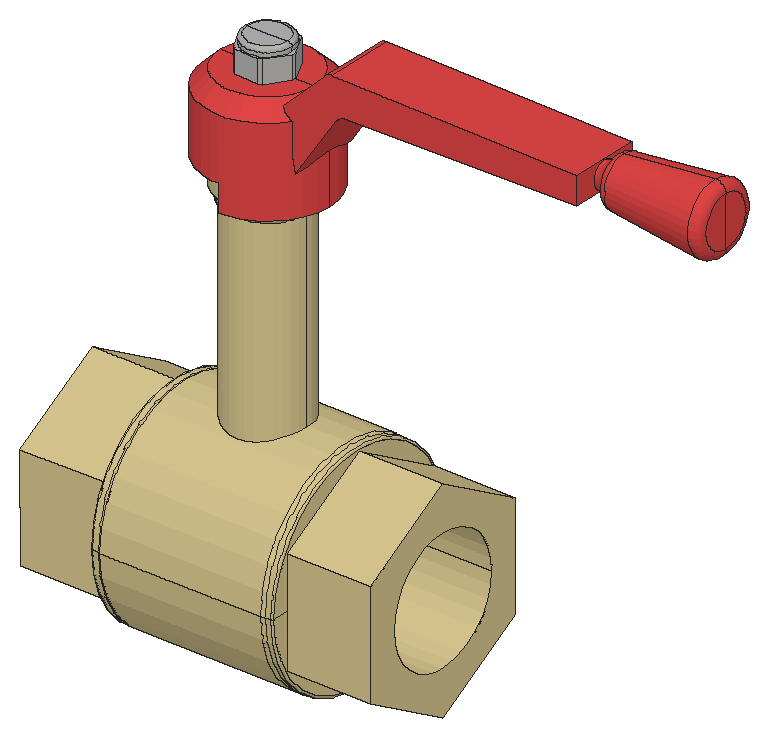
Revit family "QD24010000", category Apparecchi idraulici, Revit 2020
Family settings
  Quota connettore circolare = Usa diametro
  Tipo di parte = Normale
  Numero OmniClass = 23.45.00.00
  Titolo OmniClass = Sanitary, Laundry, and Cleaning Equipment
  Basato su piano di lavoro = No
  Sempre verticale = Sì
  Taglio con vuoti quando caricato = No
  Condiviso = No
  Punto di calcolo locali = No
Parameters
  URL = "https://web.cimberio.it/index.php/figura/529?subcategoria_id=82"
  Temperatura di esercizio = "-20 ÷ 150°C"
  Prospetto di default = 0 mm
  Produttore = "CIMBERIO SPA"
  Pressione nominale = "PN 32"
  Modello = "Cim 501CR"
  Materiale = "Prodotto in lega di ottone “CR” – “DZR\" conforme alla norma EN 12165-CW625N-DW."
  Descrizione = "Utilizzato nei più svariati settori dell'impiantistica: impianti di riscaldamento, condizionamento, idrici, igienico-sanitari, aria compressa e in generale con ogni fluido non corrosivo"
  DN Model [instance] = QD24011032 : QD24011032
  DN [instance] = 32 mm
  Commenti sul tipo = "Realizzato in ottemperanza ai requisiti gestionali della norma EN ISO 9001.\r\nCollaudato al 100% secondo la normativa EN 12266-1"
Reference planes
  plane 1 "Centro (Fronte/Retro)": y = 0
  plane 2: z = 0
  plane 3 "Centro (Sinistra/Destra)": x = 0
Dimensions and locks
  aligned and locked: level to plane 2
Nested families
  nested 1: "QD24011032" at (0, 0, 0), type <- "DN Model", type "QD24011032"
    with DN 10 mm
  nested 2: "QD24011032" at (0, 0, 0), type <- "DN Model", type "QD24011032"
    with DN 10 mm
  nested 3: "QD24011032" at (0, 0, 0), type <- "DN Model", type "QD24011032"
    with DN 10 mm
  nested 4: "QD24011032" at (0, 0, 0), type <- "DN Model", type "QD24011032"
    with DN 10 mm
  nested 5: "QD24011032" at (0, 0, 0), type <- "DN Model", type "QD24011032"
    with DN 10 mm
  nested 6: "QD24011032" at (0, 0, 0), type <- "DN Model", type "QD24011032"
    with DN 10 mm
Connectors
  piping at (45.85, 0, 0), diameter 32, driven by "DN"
    settings: on nested 1, index 1, connector inside diameter 609.6 mm, connector length 0 mm, flow factor 0, pipe flow 0.0 L/s, pressure drop 0.0 Pa, fitting loss kfactor 0, connector angle 0.00°, fixture units 0, engagement length 0 mm, angle of deflection 0.00°, flow configuration 0, flow direction 0, fitting loss method 0, system type 7, joint type 0, gender type 0, connector reference index -1, connector utility 0, adjustable connector no, is connector primary yes, connector description ""
  piping at (-45.85, 0, 0), diameter 32, driven by "DN"
    settings: on nested 1, index 2, connector inside diameter 609.6 mm, connector length 0 mm, flow factor 0, pipe flow 0.0 L/s, pressure drop 0.0 Pa, fitting loss kfactor 0, connector angle 0.00°, fixture units 0, engagement length 0 mm, angle of deflection 0.00°, flow configuration 0, flow direction 0, fitting loss method 0, system type 7, joint type 0, gender type 0, connector reference index -1, connector utility 0, adjustable connector no, is connector primary no, connector description ""
Definition of nested family "QD24011032"
  Parameters (values of type "QD24011032")
    Default Elevation = 0 mm
    DN [instance] = 10 mm  # constant formula
  Reference planes
    plane 1 "Centro (Fronte/Retro)": y = 0
    plane 2: z = 0
    plane 3 "Centro (Sinistra/Destra)": x = 0
  Forms (mm)
    Revolve 1, solid
      sketch origin (0, 0, 0) x (1, 0, 0) y (0, 1, 0)
        loop
          arc (23.85, 27.75) -> (23.704, 28.104) -> (23.35, 28.25) r 0.5
          line (23.35, 28.25) -> (21.828, 28.25) -> (20.895, 28.5) -> (-21.151, 28.5) -> (-21.969, 28.25) -> (-23.35, 28.25)
          arc (-23.35, 28.25) -> (-23.704, 28.104) -> (-23.85, 27.75) r 0.5
          line (-23.85, 27.75) -> (-23.85, 16) -> (23.85, 16) -> (23.85, 27.75)
        axis (-23.85, 0) -> (23.85, 0)
      angle from 0 to 360
    Revolve 2, solid
      sketch origin (0, 0, 18.5) x (1, 0, 0) y (0, 0, 1)
        loop
          line (0, 69) -> (0, -1.967) -> (10.25, -1.967) -> (10.25, 60)
          arc (10.25, 60) -> (10.783, 60.251) -> (11, 60.798) r 0.8
          line (11, 60.798) -> (11, 69) -> (0, 69)
        axis (0, 69) -> (0, -1.967)
      angle from 0 to 360
    Extrusion 3, solid
      sketch origin (0, 0, 18.5) x (1, 0, 0) y (0, 0, 1)
        loop
          line (-16.001, 69) -> (-16.001, 63.767)
          arc (-16.001, 63.767) -> (-15.794, 63.159) -> (-15.26, 62.801) r 1
          line (-15.26, 62.801) -> (-9.887, 61.362) -> (-9.887, 69) -> (-16.001, 69)
      from 0 to 1.289
    Extrusion 4, solid
      sketch origin (0, 0, 47.05) x (1, 0, 0) y (0, 1, 0)
        loop
          line (5.202, 9.01) -> (-5.202, 9.01) -> (-10.404, 0) -> (-5.202, -9.01) -> (5.202, -9.01) -> (10.404, 0) -> (5.202, 9.01)
      from 40.45 to 48.35
    Extrusion 5, solid
      sketch origin (-11, 0, 0) x (0, 0, 1) y (0, 1, 0)
        loop
          circle (0, 0) r 16
        loop
          line (27.4, 0) -> (13.7, 23.729) -> (-13.7, 23.729) -> (-27.4, 0) -> (-13.7, -23.729) -> (13.7, -23.729) -> (27.4, 0)
      from 12.85 to 34.85
    Extrusion 6, solid
      sketch origin (11, 0, 0) x (0, 0, 1) y (0, -1, 0)
        loop
          circle (0, 0) r 16
        loop
          line (27.4, 0) -> (13.7, 23.729) -> (-13.7, 23.729) -> (-27.4, 0) -> (-13.7, -23.729) -> (13.7, -23.729) -> (27.4, 0)
      from 12.85 to 34.85
    Revolve 7, solid
      sketch origin (0, 0, 0) x (1, 0, 0) y (0, 0, 1)
        loop
          line (0, 109) -> (-12.25, 109) -> (-16.25, 105) -> (-16.171, 82) -> (0, 82) -> (0, 109)
        axis (0, 109) -> (0, 82)
      angle from 0 to 360
    Extrusion 8, solid
      sketch origin (0, 0, 0) x (1, 0, 0) y (0, 0, 1)
        loop
          line (11.393, 107.893) -> (14.666, 93.047) -> (25.275, 109.383)
          arc (25.275, 109.383) -> (26.161, 110.209) -> (27.331, 110.521) r 2.5
          line (27.331, 110.521) -> (88.127, 111.5) -> (88.127, 118.5) -> (24.058, 119.484)
          arc (24.058, 119.484) -> (22.936, 119.24) -> (22.032, 118.532) r 2.573
          line (22.032, 118.532) -> (11.393, 107.893)
      from -9.01 to 9.01
    Revolve 9, solid
      sketch origin (0, 0, 0) x (1, 0, 0) y (0, 0, 1)
        loop
          line (5.25, 117) -> (0, 117) -> (0, 115) -> (6.25, 115) -> (6.25, 116)
          arc (6.25, 116) -> (5.957, 116.707) -> (5.25, 117) r 1
        axis (0, 117) -> (0, 115)
      angle from 0 to 360
    Revolve 10, solid
      sketch origin (0, 0, 0) x (1, 0, 0) y (0, 0, 1)
        loop
          line (88.127, 115) -> (120, 115) -> (120, 121.527)
          arc (120, 121.527) -> (119.173, 123.37) -> (117.254, 124) r 2.5
          line (117.254, 124) -> (93.442, 121.643)
          arc (93.442, 121.643) -> (92.263, 121.237) -> (91.467, 120.276) r 2.305
          arc (91.467, 120.276) -> (90.021, 118.967) -> (88.127, 118.5) r 3.99
          line (88.127, 118.5) -> (88.127, 115)
        axis (88.127, 115) -> (120, 115)
      angle from 0 to 360
    Extrusion 11, solid
      sketch origin (0, 0, 28.55) x (1, 0, 0) y (0, 1, 0)
        loop
          line (-2.825, 6.677) -> (-3.663, 6.257) -> (-7.195, 0.892) -> (-7.25, -0.044) -> (-4.37, -5.785) -> (-3.587, -6.301) -> (2.825, -6.677) -> (3.663, -6.257) -> (7.195, -0.892) -> (7.25, 0.044) -> (4.37, 5.785) -> (3.587, 6.301) -> (-2.825, 6.677)
      from 80.45 to 86.45
    Extrusion 12, void
      sketch origin (0, 0, 28.55) x (1, 0, 0) y (0, 1, 0)
        loop
          line (-12.25, 0) -> (-17.25, 0)
          arc (-17.25, 0) -> (-12.198, -12.198) -> (0, -17.25) r 17.25
          line (0, -17.25) -> (0, -12.25)
          arc (0, -12.25) -> (-8.662, -8.662) -> (-12.25, 0) r 12.25
      from 52.097 to 60.45
  Cuts and joins
    Extrusion 12 cuts Revolve 7
  Dimensions and locks
    aligned and locked: level to plane 2
